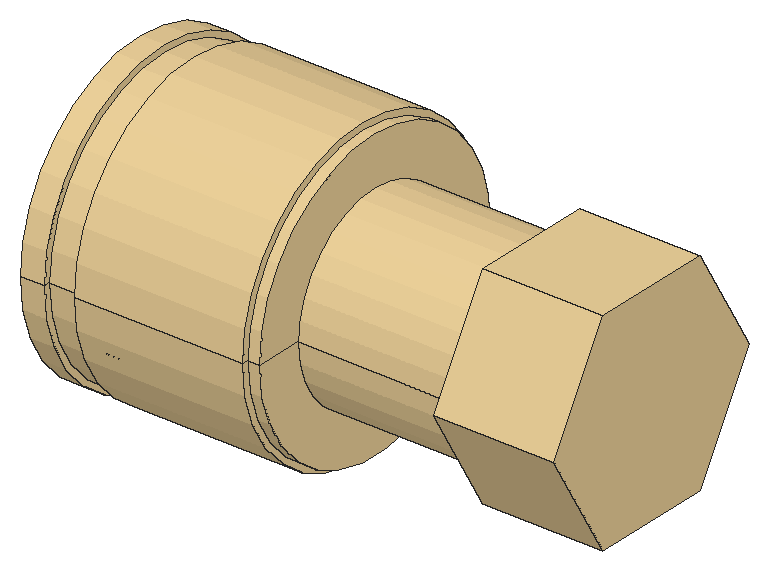
Revit family "ABC-PEX_Фитинг_Штуцер с накидной гайкой", category Соединительные детали трубопроводов, Revit 2019
Family settings
  Размер круглого соединителя = Использовать диаметр
  Тип детали = Соединение
  На основе рабочей плоскости = Нет
  Всегда вертикально = Нет
  При загрузке вырезать с полостями = Нет
  Общий = Да
Parameters
  Таблица выбора = "ABC-PEX_Фитинг_Штуцер с накидной гайкой"  # constant formula
  Маткриал_Корпус = Латунь
  z [instance] = size_lookup(Таблица выбора, "z", 30 mm, DN1, DN2)  # 28 mm
  a [instance] = size_lookup(Таблица выбора, "a", 30 mm, DN1, DN2)  # 60 mm
  S [instance] = DN2 + 3 mm  # 35 mm
  DN2 [instance] = 32 mm
  DN1 [instance] = 40 mm
  ADSK_Примечание = ""
  ADSK_Наименование [instance] = size_lookup(Таблица выбора, "ADSK_Наименование", "Нет в каталоге", DN1, DN2)  # "Штуцер с накидной гайкой DN40x1 1/2\""
  ADSK_Масса [instance] = size_lookup(Таблица выбора, "ADSK_Масса", 0, DN1, DN2)  # 0
  ADSK_Марка [instance] = size_lookup(Таблица выбора, "ADSK_Марка", "Нет в каталоге", DN1, DN2)  # "ABC-F-940112"
  ADSK_Завод-изготовитель = "Agpipe"  # constant formula
Reference planes
  plane 1 "По центру (Вперед/Назад)": y = 0
  plane 2: z = 0
  plane 3 "По центру (Влево/Вправо)": x = 0
  plane 4: y = 20
  plane 5: y = -20
  plane 6: x = -30
  plane 7: x = 30
  plane 8: x = 2
  plane 9: y = 16
  plane 10: y = -16
Forms (mm)
  Revolve 1, solid, material "Латунь" <- "Маткриал_Корпус", detail levels fine
    sketch origin (0, 0, 0) x (1, 0, 0) y (0, 1, 0)
      loop
        line (-30, 20) -> (-30, 18) -> (2, 18) -> (2, 10.515) -> (4, 10.515) -> (4, 15) -> (30, 15) -> (30, 16) -> (4, 16) -> (4, 24) -> (2, 24) -> (2, 20) -> (-30, 20)
      axis (-30, 0) -> (30, 0)
    angle from 0 to 360
  Extrusion 2, solid, material "Латунь" <- "Маткриал_Корпус", detail levels fine
    sketch origin (0, 0, 0) x (0, 1, 0) y (0, 0, -1)
      loop
        line (20.207, 0) -> (10.104, 17.5) -> (-10.104, 17.5) -> (-20.207, 0) -> (-10.104, -17.5) -> (10.104, -17.5) -> (20.207, 0)
    from -50 to -30
Lines and regions (mm)
  reference lines
    curve 1: line (2, 0, 0) -> (50, 0, 0)
  symbolic lines
    curve 2: line (-30, 0, 0) -> (30, 0, 0)
Dimensions and locks
  equal spacing: plane 4, plane 1 "По центру (Вперед/Назад)", plane 5
  "DN1": plane 4 to plane 5
  equal spacing: plane 6, plane 3 "По центру (Влево/Вправо)", plane 7
  "a": plane 6 to plane 7
  equal spacing: plane 9, plane 1 "По центру (Вперед/Назад)", plane 10
  "DN2": plane 9 to plane 10
  locked: plane 7 to Extrusion 2 at 20
  "z": plane 8 to plane 7
  locked: Revolve 1 sketch curve to Revolve 1 sketch curve at 2
  locked: Revolve 1 sketch curve to plane 4 at 2
  locked: Revolve 1 sketch curve to plane 9 at 1
  equal spacing: Extrusion 2 sketch curve, curve 1, Extrusion 2 sketch curve  (x2)
  "S": Extrusion 2 sketch curve to Extrusion 2 sketch curve  (x3)
  equal spacing: Extrusion 2 sketch curve, level, Extrusion 2 sketch curve
  locked: Revolve 1 sketch curve to Revolve 1 sketch curve at 4.485
  locked: Extrusion 2 sketch curve to Extrusion 2 sketch curve (angle 120.00°)  (x3)
  aligned and locked: level to plane 2
  aligned and locked: plane 6 to curve 2
  aligned and locked: plane 7 to curve 2
  aligned and locked: Extrusion 2 to plane 7
  aligned and locked: Revolve 1 sketch curve to Revolve 1 sketch curve  (x2)
  aligned and locked: plane 8 to Revolve 1 sketch curve
  aligned and locked: Revolve 1 sketch curve to plane 7
  aligned and locked: Revolve 1 sketch curve to plane 6
  aligned and locked: Extrusion 2 to curve 1
  aligned and locked: plane 8 to nested 1
Automatic sketch dimensions
  plane 1 "По центру (Вперед/Назад)" to curve 2 = 0 mm
  plane 1 "По центру (Вперед/Назад)" to curve 1 = 0 mm
  curve 1 to plane 8 = 0 mm
  plane 7 to curve 1 = 20 mm
  plane 1 "По центру (Вперед/Назад)" to Revolve 1 sketch curve = 0 mm
  Revolve 1 sketch curve to plane 6 = 0 mm
  Revolve 1 sketch curve to plane 9 = 0 mm
  Revolve 1 sketch curve to plane 4 = 0 mm
  Revolve 1 sketch curve to Revolve 1 sketch curve = 4 mm
  Revolve 1 sketch curve to plane 7 = 5 mm
Nested families
  nested 1: "ABC-PEX_Фитинг_Надвижная гильза" at (-16.5, 0, 0) x (-1, 0, 0) z (0, 0, 1), DN <- "DN1", type "ABC-PEX_Фитинг_Надвижная гильза", detail levels fine
    with b 50 mm, a 37 mm, DN 40 mm, ADSK_Наименование "Надвижная гильза DN40", ADSK_Масса 0.039, ADSK_Марка "ABC-F-140"
Connectors
  piping at (2, 0, 0), diameter 40, driven by "DN1"
    settings: on curve 1, index 1, connector inside diameter 609.6 mm, connector length 0 mm, flow factor 0, pipe flow 0.0 L/s, pressure drop 0.0 Pa, fitting loss kfactor 0, connector angle 0.00°, fixture units 0, engagement length 0 mm, angle of deflection 0.00°, flow configuration 0, flow direction 0, fitting loss method 0, system type 28, joint type 0, gender type 0, connector reference index 2, connector utility 0, adjustable connector no, is connector primary yes, connector description ""
  piping at (50, 0, 0), diameter 32, driven by "DN2"
    settings: on curve 1, index 2, connector inside diameter 609.6 mm, connector length 0 mm, flow factor 0, pipe flow 0.0 L/s, pressure drop 0.0 Pa, fitting loss kfactor 0, connector angle 0.00°, fixture units 0, engagement length 0 mm, angle of deflection 0.00°, flow configuration 0, flow direction 0, fitting loss method 0, system type 28, joint type 0, gender type 0, connector reference index 1, connector utility 0, adjustable connector no, is connector primary no, connector description ""
Definition of nested family "ABC-PEX_Фитинг_Надвижная гильза"
  Parameters (values of type "ABC-PEX_Фитинг_Надвижная гильза")
    Таблица выбора = "ABC-PEX_Фитинг_Надвижная гильза"  # constant formula
    Маткриал_Корпус = none
    b [instance] = size_lookup(Таблица выбора, "b", 30 mm, DN)  # 24 mm
    a [instance] = size_lookup(Таблица выбора, "a", 30 mm, DN)  # 24 mm
    DN [instance] = 16 mm
    ADSK_Примечание = ""
    ADSK_Наименование [instance] = size_lookup(Таблица выбора, "ADSK_Наименование", "Нет в каталоге", DN)  # "Надвижная гильза DN16"
    ADSK_Масса [instance] = size_lookup(Таблица выбора, "ADSK_Масса", 0, DN)  # 0.008
    ADSK_Марка [instance] = size_lookup(Таблица выбора, "ADSK_Марка", "Нет в каталоге", DN)  # "ABC-F-116"
    ADSK_Завод-изготовитель = "Agpipe"  # constant formula
  Reference planes
    plane 1 "По центру (Вперед/Назад)": y = 0
    plane 2: z = 0
    plane 3 "По центру (Влево/Вправо)": x = 0
    plane 4: y = 12
    plane 5: y = -12
    plane 6: x = -12
    plane 7: x = 12
    plane 8: y = 8
    plane 9: y = -8
  Forms (mm)
    Revolve 1, solid, material <- "Маткриал_Корпус"
      sketch origin (0, 0, 0) x (1, 0, 0) y (0, 1, 0)
        loop
          line (-12, 12) -> (-12, 10) -> (12, 10) -> (12, 12) -> (8, 12) -> (8, 11) -> (3, 11) -> (3, 12) -> (-12, 12)
        axis (-12, 0) -> (12, 0)
      angle from 0 to 360
  Lines and regions (mm)
    reference lines
      curve 1: line (-12, 0, 0) -> (12, 0, 0)
  Dimensions and locks
    equal spacing: plane 4, plane 1 "По центру (Вперед/Назад)", plane 5
    "b": plane 4 to plane 5
    equal spacing: plane 6, plane 3 "По центру (Влево/Вправо)", plane 7
    "a": plane 6 to plane 7
    plane 4 to Revolve 1 sketch curve = 2 mm
    equal spacing: plane 9, plane 1 "По центру (Вперед/Назад)", plane 8
    "DN": plane 9 to plane 8
    Revolve 1 sketch curve to Revolve 1 sketch curve to plane 7 = 5 mm locked, 4 mm locked
    Revolve 1 sketch curve to Revolve 1 sketch curve to plane 4 = 1 mm locked, 1 mm locked
    aligned and locked: level to plane 2
    aligned and locked: plane 1 "По центру (Вперед/Назад)" to Revolve 1 sketch curve
    aligned and locked: plane 4 to Revolve 1 sketch curve
    aligned and locked: Revolve 1 sketch curve to plane 4
    aligned and locked: plane 6 to Revolve 1 sketch curve
    aligned and locked: plane 7 to Revolve 1 sketch curve
    aligned and locked: plane 7 to curve 1
    aligned and locked: plane 6 to curve 1
  Automatic sketch dimensions
    plane 1 "По центру (Вперед/Назад)" to curve 1 = 0 mm
    plane 6 to Revolve 1 sketch curve = 5 mm
    Revolve 1 sketch curve to plane 7 = 4 mm
  Connectors
    piping at (-12, 0, 0), diameter 16, driven by "DN"
      settings: on curve 1, index 1, connector inside diameter 609.6 mm, connector length 0 mm, flow factor 0, pipe flow 0.0 L/s, pressure drop 0.0 Pa, fitting loss kfactor 0, connector angle 0.00°, fixture units 0, engagement length 0 mm, angle of deflection 0.00°, flow configuration 0, flow direction 0, fitting loss method 0, system type 28, joint type 0, gender type 0, connector reference index 2, connector utility 0, adjustable connector no, is connector primary yes, connector description ""
    piping at (12, 0, 0), diameter 16, driven by "DN"
      settings: on curve 1, index 2, connector inside diameter 609.6 mm, connector length 0 mm, flow factor 0, pipe flow 0.0 L/s, pressure drop 0.0 Pa, fitting loss kfactor 0, connector angle 0.00°, fixture units 0, engagement length 0 mm, angle of deflection 0.00°, flow configuration 0, flow direction 0, fitting loss method 0, system type 28, joint type 0, gender type 0, connector reference index 1, connector utility 0, adjustable connector no, is connector primary no, connector description ""
